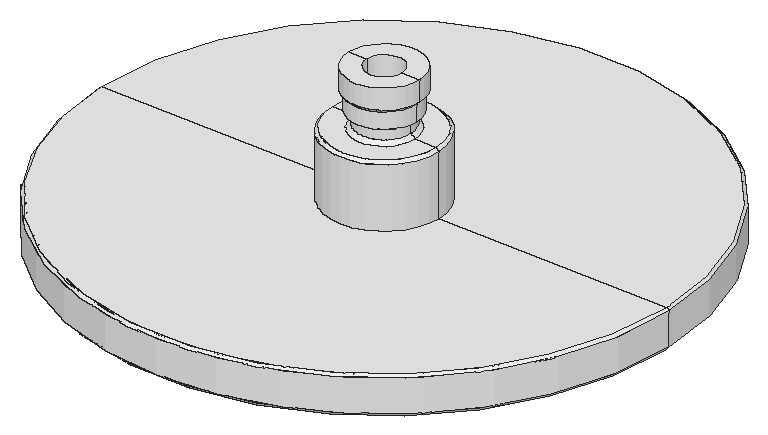
Revit family "zzzShowerhead-American_Standard-Studio_S-1660527_Series", category Plumbing Fixtures, Revit 2019
Family settings
  Round Connector Dimension = Use Diameter
  Part Type = Normal
  OmniClass Number = 23.45.05.14.17
  OmniClass Title = Showers
  Work Plane-Based = Yes
  Always vertical = No
  Cut with Voids When Loaded = No
  Shared = Yes
  Room Calculation Point = No
Parameters (values of type "1660.527.002")
  Water Connection Diameter = 1/2"  # constant formula
  Waste Connection = yes
  WFU = 4  # constant formula
  Vent Connection = no
  URL = "https://www.americanstandard-us.com/"
  Tempered Water Connection = yes
  Specification = "Showerhead shall have 1 spray pattern and brass ball joint. Fitting shall be American Standard Model 1660.527."  # constant formula
  Revised Date = "10/03/2021"  # constant formula
  Product Page URL = "https://www.americanstandard-us.com/Rain-Showerheads/Studio-S-8-Inch-25-gpm-95-L-min-Rain-Showerhead/CHROME-1660527002"
  Product Documentation Link = "https://americanstandard.box.com/shared/static/p1afyvskb7e3h37kw89sj2debr8m4nkj.pdf"
  Price = "Prices may vary. Please consult Manufacturer Representative for most up-to-date price list."  # constant formula
  Model = "1660.527.002"
  Material = "Brass-American Standard-002-Polished Chrome"
  Manufacturer = "American Standard"  # constant formula
  Length = 8"  # constant formula
  Installation Type = "Wall Mounted"  # constant formula
  Installation Instruction Link = "https://americanstandard.box.com/shared/static/k8im88gln558lugzpwjerh0gw6vreuy3.pdfhttps://americanstandard.box.com/shared/static/g0bf9ataz8fbierzacnqolrx2i59cqud.pdf:https://americanstandard.box.com/shared/static/qrleaehdkuiegtf37d3h5cy3agh2mjsr.pdf"
  IAPMO Compliance = "ASME A112.18.1, CSA B125.1"  # constant formula
  HWFU = 3  # constant formula
  HW Connection = no
  Flow Rate = "2.5 gpm / 9.5 L/min."  # constant formula
  Finish = Brass-American Standard-002-Polished Chrome
  Description = "Studio® S 8-Inch 2.5 gpm/9.5 L/min Rain Showerhead"  # constant formula
  Default Elevation = 0"
  Creation Date = "01/08/2018"  # constant formula
  CWFU = 3  # constant formula
  CW Connection = no
  Assembly Code = "D2010710"
Reference planes (in)
  plane 1 "Center (Front/Back)": y = 0
  plane 2: z = 0
  plane 3 "Center (Left/Right)": x = 0
  plane 4: y = 4
  plane 5: y = -4
  plane 6: x = 4
  plane 7: x = -4
  plane 8: x = 0.25
Forms (in)
  Revolve 1, solid, material "Brass-American Standard-002-Polished Chrome" <- "Finish"
    sketch origin (0, 0, 0) x (1, 0, 0) y (0, 0, 1)
      loop
        line (0.25, 0) -> (0.25, -1.09035) -> (0, -1.09035) -> (0, -2.1807) -> (3.95524, -2.1807) -> (4, -2.13594) -> (4, -1.68468) -> (3.96515, -1.64984) -> (0.76798, -1.64984) -> (0.76798, -0.81166) -> (0.7279, -0.77159) -> (0.42928, -0.77159) -> (0.37438, -0.71669) -> (0.37438, -0.58674) -> (0.45986, -0.53739) -> (0.45986, -0.32039) -> (0.5, -0.28026) -> (0.5, 0) -> (0.25, 0)
      axis (0, 0) -> (0, -2.1807)
    angle from 0 to 360
  Revolve 2, solid, material "Brass-American Standard-002-Polished Chrome" <- "Finish"
    sketch origin (0.38666, 7.24914, 1.39758) x (-0.000122, 0.001073, 0.999999) y (0.112541, -0.993647, 0.00108)
      loop
        line (-3.67301, 6.83538) -> (-3.56658, 6.83538) -> (-3.56666, 6.90382) -> (-3.64269, 6.90374)
        arc (-3.64269, 6.90374) -> (-3.66417, 6.89482) -> (-3.67305, 6.87332) r 0.03039
        line (-3.67305, 6.87332) -> (-3.67301, 6.83538)
      axis (-3.67305, 6.82041) -> (-3.56658, 6.82041)
    angle from 0 to 360
  Revolve 3, solid, material "Brass-American Standard-002-Polished Chrome" <- "Finish"
    sketch origin (-4.85251, 5.39932, 1.39758) x (-0.000845, 0.000673, 0.999999) y (0.782193, -0.623036, 0.00108)
      loop
        line (-3.67301, 6.83538) -> (-3.56658, 6.83538) -> (-3.56666, 6.90382) -> (-3.64269, 6.90374)
        arc (-3.64269, 6.90374) -> (-3.66417, 6.89482) -> (-3.67305, 6.87332) r 0.03039
        line (-3.67305, 6.87332) -> (-3.67301, 6.83538)
      axis (-3.67305, 6.82041) -> (-3.56658, 6.82041)
    angle from 0 to 360
  Revolve 4, solid, material "Brass-American Standard-002-Polished Chrome" <- "Finish"
    sketch origin (-0.38666, 7.24914, 1.39758) x (0.000122, 0.001073, 0.999999) y (0.112541, 0.993647, -0.00108)
      loop
        line (-3.67301, -6.83538) -> (-3.67305, -6.87332)
        arc (-3.67305, -6.87332) -> (-3.66417, -6.89482) -> (-3.64269, -6.90374) r 0.03039
        line (-3.64269, -6.90374) -> (-3.56666, -6.90382) -> (-3.56658, -6.83538) -> (-3.67301, -6.83538)
      axis (-3.67305, -6.82041) -> (-3.56658, -6.82041)
    angle from 0 to 360
  Revolve 5, solid, material "Brass-American Standard-002-Polished Chrome" <- "Finish"
    sketch origin (4.85251, 5.39932, 1.39758) x (0.000845, 0.000673, 0.999999) y (0.782193, 0.623036, -0.00108)
      loop
        line (-3.67301, -6.83538) -> (-3.67305, -6.87332)
        arc (-3.67305, -6.87332) -> (-3.66417, -6.89482) -> (-3.64269, -6.90374) r 0.03039
        line (-3.64269, -6.90374) -> (-3.56666, -6.90382) -> (-3.56658, -6.83538) -> (-3.67301, -6.83538)
      axis (-3.67305, -6.82041) -> (-3.56658, -6.82041)
    angle from 0 to 360
  Revolve 6, solid, material "Brass-American Standard-002-Polished Chrome" <- "Finish"
    sketch origin (0.38666, -7.24914, 1.39758) x (-0.000122, -0.001073, 0.999999) y (-0.112541, -0.993647, -0.00108)
      loop
        line (-3.67301, -6.83538) -> (-3.67305, -6.87332)
        arc (-3.67305, -6.87332) -> (-3.66417, -6.89482) -> (-3.64269, -6.90374) r 0.03039
        line (-3.64269, -6.90374) -> (-3.56666, -6.90382) -> (-3.56658, -6.83538) -> (-3.67301, -6.83538)
      axis (-3.67305, -6.82041) -> (-3.56658, -6.82041)
    angle from 0 to 360
  Revolve 7, solid, material "Brass-American Standard-002-Polished Chrome" <- "Finish"
    sketch origin (-4.85251, -5.39932, 1.39758) x (-0.000845, -0.000673, 0.999999) y (-0.782193, -0.623036, -0.00108)
      loop
        line (-3.67301, -6.83538) -> (-3.67305, -6.87332)
        arc (-3.67305, -6.87332) -> (-3.66417, -6.89482) -> (-3.64269, -6.90374) r 0.03039
        line (-3.64269, -6.90374) -> (-3.56666, -6.90382) -> (-3.56658, -6.83538) -> (-3.67301, -6.83538)
      axis (-3.67305, -6.82041) -> (-3.56658, -6.82041)
    angle from 0 to 360
  Revolve 8, solid, material "Brass-American Standard-002-Polished Chrome" <- "Finish"
    sketch origin (-0.38666, -7.24914, 1.39758) x (0.000122, -0.001073, 0.999999) y (-0.112541, 0.993647, 0.00108)
      loop
        line (-3.67301, 6.83538) -> (-3.56658, 6.83538) -> (-3.56666, 6.90382) -> (-3.64269, 6.90374)
        arc (-3.64269, 6.90374) -> (-3.66417, 6.89482) -> (-3.67305, 6.87332) r 0.03039
        line (-3.67305, 6.87332) -> (-3.67301, 6.83538)
      axis (-3.67305, 6.82041) -> (-3.56658, 6.82041)
    angle from 0 to 360
  Revolve 9, solid, material "Brass-American Standard-002-Polished Chrome" <- "Finish"
    sketch origin (4.85251, -5.39932, 1.39758) x (0.000845, -0.000673, 0.999999) y (-0.782193, 0.623036, 0.00108)
      loop
        line (-3.67301, 6.83538) -> (-3.56658, 6.83538) -> (-3.56666, 6.90382) -> (-3.64269, 6.90374)
        arc (-3.64269, 6.90374) -> (-3.66417, 6.89482) -> (-3.67305, 6.87332) r 0.03039
        line (-3.67305, 6.87332) -> (-3.67301, 6.83538)
      axis (-3.67305, 6.82041) -> (-3.56658, 6.82041)
    angle from 0 to 360
  Revolve 10, solid, material "Brass-American Standard-002-Polished Chrome" <- "Finish"
    sketch origin (-2.45436, 6.60226, 1.39758) x (-0.000273, 0.001045, 0.999999) y (-0.252988, 0.967469, -0.00108)
      loop
        line (-3.67301, -6.83538) -> (-3.67305, -6.87332)
        arc (-3.67305, -6.87332) -> (-3.66417, -6.89482) -> (-3.64269, -6.90374) r 0.03039
        line (-3.64269, -6.90374) -> (-3.56666, -6.90382) -> (-3.56658, -6.83538) -> (-3.67301, -6.83538)
      axis (-3.67305, -6.82041) -> (-3.56658, -6.82041)
    angle from 0 to 360
  Revolve 11, solid, material "Brass-American Standard-002-Polished Chrome" <- "Finish"
    sketch origin (-6.57644, 4.07408, 1.39758) x (-0.001041, 0.000289, 0.999999) y (0.963452, -0.26788, 0.00108)
      loop
        line (-3.67301, 6.83538) -> (-3.56658, 6.83538) -> (-3.56666, 6.90382) -> (-3.64269, 6.90374)
        arc (-3.64269, 6.90374) -> (-3.66417, 6.89482) -> (-3.67305, 6.87332) r 0.03039
        line (-3.67305, 6.87332) -> (-3.67301, 6.83538)
      axis (-3.67305, 6.82041) -> (-3.56658, 6.82041)
    angle from 0 to 360
  Revolve 12, solid, material "Brass-American Standard-002-Polished Chrome" <- "Finish"
    sketch origin (-4.5714, 6.241, 1.39758) x (-0.000856, 0.000658, 0.999999) y (0.792947, -0.60929, 0.00108)
      loop
        line (-3.67301, 6.83538) -> (-3.56658, 6.83538) -> (-3.56666, 6.90382) -> (-3.64269, 6.90374)
        arc (-3.64269, 6.90374) -> (-3.66417, 6.89482) -> (-3.67305, 6.87332) r 0.03039
        line (-3.67305, 6.87332) -> (-3.67301, 6.83538)
      axis (-3.67305, 6.82041) -> (-3.56658, 6.82041)
    angle from 0 to 360
  Revolve 13, solid, material "Brass-American Standard-002-Polished Chrome" <- "Finish"
    sketch origin (4.07408, 6.57644, 1.39758) x (0.000289, 0.001041, 0.999999) y (-0.26788, -0.963452, 0.00108)
      loop
        line (-3.67301, 6.83538) -> (-3.56658, 6.83538) -> (-3.56666, 6.90382) -> (-3.64269, 6.90374)
        arc (-3.64269, 6.90374) -> (-3.66417, 6.89482) -> (-3.67305, 6.87332) r 0.03039
        line (-3.67305, 6.87332) -> (-3.67301, 6.83538)
      axis (-3.67305, 6.82041) -> (-3.56658, 6.82041)
    angle from 0 to 360
  Revolve 14, solid, material "Brass-American Standard-002-Polished Chrome" <- "Finish"
    sketch origin (1.31384, 7.62375, 1.39758) x (-0.000122, 0.001073, 0.999999) y (0.112541, -0.993647, 0.00108)
      loop
        line (-3.67301, 6.83538) -> (-3.56658, 6.83538) -> (-3.56666, 6.90382) -> (-3.64269, 6.90374)
        arc (-3.64269, 6.90374) -> (-3.66417, 6.89482) -> (-3.67305, 6.87332) r 0.03039
        line (-3.67305, 6.87332) -> (-3.67301, 6.83538)
      axis (-3.67305, 6.82041) -> (-3.56658, 6.82041)
    angle from 0 to 360
  Revolve 15, solid, material "Brass-American Standard-002-Polished Chrome" <- "Finish"
    sketch origin (-1.76944, 7.53105, 1.39758) x (-0.000531, 0.00094, 0.999999) y (0.491843, -0.870683, 0.00108)
      loop
        line (-3.67301, 6.83538) -> (-3.56658, 6.83538) -> (-3.56666, 6.90382) -> (-3.64269, 6.90374)
        arc (-3.64269, 6.90374) -> (-3.66417, 6.89482) -> (-3.67305, 6.87332) r 0.03039
        line (-3.67305, 6.87332) -> (-3.67301, 6.83538)
      axis (-3.67305, 6.82041) -> (-3.56658, 6.82041)
    angle from 0 to 360
  Revolve 16, solid, material "Brass-American Standard-002-Polished Chrome" <- "Finish"
    sketch origin (4.5714, 6.241, 1.39758) x (0.000856, 0.000658, 0.999999) y (0.792947, 0.60929, -0.00108)
      loop
        line (-3.67301, -6.83538) -> (-3.67305, -6.87332)
        arc (-3.67305, -6.87332) -> (-3.66417, -6.89482) -> (-3.64269, -6.90374) r 0.03039
        line (-3.64269, -6.90374) -> (-3.56666, -6.90382) -> (-3.56658, -6.83538) -> (-3.67301, -6.83538)
      axis (-3.67305, -6.82041) -> (-3.56658, -6.82041)
    angle from 0 to 360
  Revolve 17, solid, material "Brass-American Standard-002-Polished Chrome" <- "Finish"
    sketch origin (-1.31384, 7.62375, 1.39758) x (0.000122, 0.001073, 0.999999) y (0.112541, 0.993647, -0.00108)
      loop
        line (-3.67301, -6.83538) -> (-3.67305, -6.87332)
        arc (-3.67305, -6.87332) -> (-3.66417, -6.89482) -> (-3.64269, -6.90374) r 0.03039
        line (-3.64269, -6.90374) -> (-3.56666, -6.90382) -> (-3.56658, -6.83538) -> (-3.67301, -6.83538)
      axis (-3.67305, -6.82041) -> (-3.56658, -6.82041)
    angle from 0 to 360
  Revolve 18, solid, material "Brass-American Standard-002-Polished Chrome" <- "Finish"
    sketch origin (1.76944, 7.53105, 1.39758) x (0.000531, 0.00094, 0.999999) y (0.491843, 0.870683, -0.00108)
      loop
        line (-3.67301, -6.83538) -> (-3.67305, -6.87332)
        arc (-3.67305, -6.87332) -> (-3.66417, -6.89482) -> (-3.64269, -6.90374) r 0.03039
        line (-3.64269, -6.90374) -> (-3.56666, -6.90382) -> (-3.56658, -6.83538) -> (-3.67301, -6.83538)
      axis (-3.67305, -6.82041) -> (-3.56658, -6.82041)
    angle from 0 to 360
  Revolve 19, solid, material "Brass-American Standard-002-Polished Chrome" <- "Finish"
    sketch origin (-4.07408, 6.57644, 1.39758) x (-0.000289, 0.001041, 0.999999) y (-0.26788, 0.963452, -0.00108)
      loop
        line (-3.67301, -6.83538) -> (-3.67305, -6.87332)
        arc (-3.67305, -6.87332) -> (-3.66417, -6.89482) -> (-3.64269, -6.90374) r 0.03039
        line (-3.64269, -6.90374) -> (-3.56666, -6.90382) -> (-3.56658, -6.83538) -> (-3.67301, -6.83538)
      axis (-3.67305, -6.82041) -> (-3.56658, -6.82041)
    angle from 0 to 360
  Revolve 20, solid, material "Brass-American Standard-002-Polished Chrome" <- "Finish"
    sketch origin (-6.57644, -4.07408, 1.39758) x (-0.001041, -0.000289, 0.999999) y (-0.963452, -0.26788, -0.00108)
      loop
        line (-3.67301, -6.83538) -> (-3.67305, -6.87332)
        arc (-3.67305, -6.87332) -> (-3.66417, -6.89482) -> (-3.64269, -6.90374) r 0.03039
        line (-3.64269, -6.90374) -> (-3.56666, -6.90382) -> (-3.56658, -6.83538) -> (-3.67301, -6.83538)
      axis (-3.67305, -6.82041) -> (-3.56658, -6.82041)
    angle from 0 to 360
  Revolve 21, solid, material "Brass-American Standard-002-Polished Chrome" <- "Finish"
    sketch origin (-4.5714, -6.241, 1.39758) x (-0.000856, -0.000658, 0.999999) y (-0.792947, -0.60929, -0.00108)
      loop
        line (-3.67301, -6.83538) -> (-3.67305, -6.87332)
        arc (-3.67305, -6.87332) -> (-3.66417, -6.89482) -> (-3.64269, -6.90374) r 0.03039
        line (-3.64269, -6.90374) -> (-3.56666, -6.90382) -> (-3.56658, -6.83538) -> (-3.67301, -6.83538)
      axis (-3.67305, -6.82041) -> (-3.56658, -6.82041)
    angle from 0 to 360
  Revolve 22, solid, material "Brass-American Standard-002-Polished Chrome" <- "Finish"
    sketch origin (1.31384, -7.62375, 1.39758) x (-0.000122, -0.001073, 0.999999) y (-0.112541, -0.993647, -0.00108)
      loop
        line (-3.67301, -6.83538) -> (-3.67305, -6.87332)
        arc (-3.67305, -6.87332) -> (-3.66417, -6.89482) -> (-3.64269, -6.90374) r 0.03039
        line (-3.64269, -6.90374) -> (-3.56666, -6.90382) -> (-3.56658, -6.83538) -> (-3.67301, -6.83538)
      axis (-3.67305, -6.82041) -> (-3.56658, -6.82041)
    angle from 0 to 360
  Revolve 23, solid, material "Brass-American Standard-002-Polished Chrome" <- "Finish"
    sketch origin (-1.76944, -7.53105, 1.39758) x (-0.000531, -0.00094, 0.999999) y (-0.491843, -0.870683, -0.00108)
      loop
        line (-3.67301, -6.83538) -> (-3.67305, -6.87332)
        arc (-3.67305, -6.87332) -> (-3.66417, -6.89482) -> (-3.64269, -6.90374) r 0.03039
        line (-3.64269, -6.90374) -> (-3.56666, -6.90382) -> (-3.56658, -6.83538) -> (-3.67301, -6.83538)
      axis (-3.67305, -6.82041) -> (-3.56658, -6.82041)
    angle from 0 to 360
  Revolve 24, solid, material "Brass-American Standard-002-Polished Chrome" <- "Finish"
    sketch origin (4.5714, -6.241, 1.39758) x (0.000856, -0.000658, 0.999999) y (-0.792947, 0.60929, 0.00108)
      loop
        line (-3.67301, 6.83538) -> (-3.56658, 6.83538) -> (-3.56666, 6.90382) -> (-3.64269, 6.90374)
        arc (-3.64269, 6.90374) -> (-3.66417, 6.89482) -> (-3.67305, 6.87332) r 0.03039
        line (-3.67305, 6.87332) -> (-3.67301, 6.83538)
      axis (-3.67305, 6.82041) -> (-3.56658, 6.82041)
    angle from 0 to 360
  Revolve 25, solid, material "Brass-American Standard-002-Polished Chrome" <- "Finish"
    sketch origin (-1.31384, -7.62375, 1.39758) x (0.000122, -0.001073, 0.999999) y (-0.112541, 0.993647, 0.00108)
      loop
        line (-3.67301, 6.83538) -> (-3.56658, 6.83538) -> (-3.56666, 6.90382) -> (-3.64269, 6.90374)
        arc (-3.64269, 6.90374) -> (-3.66417, 6.89482) -> (-3.67305, 6.87332) r 0.03039
        line (-3.67305, 6.87332) -> (-3.67301, 6.83538)
      axis (-3.67305, 6.82041) -> (-3.56658, 6.82041)
    angle from 0 to 360
  Revolve 26, solid, material "Brass-American Standard-002-Polished Chrome" <- "Finish"
    sketch origin (1.76944, -7.53105, 1.39758) x (0.000531, -0.00094, 0.999999) y (-0.491843, 0.870683, 0.00108)
      loop
        line (-3.67301, 6.83538) -> (-3.56658, 6.83538) -> (-3.56666, 6.90382) -> (-3.64269, 6.90374)
        arc (-3.64269, 6.90374) -> (-3.66417, 6.89482) -> (-3.67305, 6.87332) r 0.03039
        line (-3.67305, 6.87332) -> (-3.67301, 6.83538)
      axis (-3.67305, 6.82041) -> (-3.56658, 6.82041)
    angle from 0 to 360
  Revolve 27, solid, material "Brass-American Standard-002-Polished Chrome" <- "Finish"
    sketch origin (-6.57644, 5.07408, 1.39758) x (-0.001041, 0.000289, 0.999999) y (0.963452, -0.26788, 0.00108)
      loop
        line (-3.67301, 6.83538) -> (-3.56658, 6.83538) -> (-3.56666, 6.90382) -> (-3.64269, 6.90374)
        arc (-3.64269, 6.90374) -> (-3.66417, 6.89482) -> (-3.67305, 6.87332) r 0.03039
        line (-3.67305, 6.87332) -> (-3.67301, 6.83538)
      axis (-3.67305, 6.82041) -> (-3.56658, 6.82041)
    angle from 0 to 360
  Revolve 28, solid, material "Brass-American Standard-002-Polished Chrome" <- "Finish"
    sketch origin (-4.19679, 7.16818, 1.39758) x (-0.000856, 0.000658, 0.999999) y (0.792947, -0.60929, 0.00108)
      loop
        line (-3.67301, 6.83538) -> (-3.56658, 6.83538) -> (-3.56666, 6.90382) -> (-3.64269, 6.90374)
        arc (-3.64269, 6.90374) -> (-3.66417, 6.89482) -> (-3.67305, 6.87332) r 0.03039
        line (-3.67305, 6.87332) -> (-3.67301, 6.83538)
      axis (-3.67305, 6.82041) -> (-3.56658, 6.82041)
    angle from 0 to 360
  Revolve 29, solid, material "Brass-American Standard-002-Polished Chrome" <- "Finish"
    sketch origin (5.07408, 6.57644, 1.39758) x (0.000289, 0.001041, 0.999999) y (-0.26788, -0.963452, 0.00108)
      loop
        line (-3.67301, 6.83538) -> (-3.56658, 6.83538) -> (-3.56666, 6.90382) -> (-3.64269, 6.90374)
        arc (-3.64269, 6.90374) -> (-3.66417, 6.89482) -> (-3.67305, 6.87332) r 0.03039
        line (-3.67305, 6.87332) -> (-3.67301, 6.83538)
      axis (-3.67305, 6.82041) -> (-3.56658, 6.82041)
    angle from 0 to 360
  Revolve 30, solid, material "Brass-American Standard-002-Polished Chrome" <- "Finish"
    sketch origin (2.24102, 7.99835, 1.39758) x (-0.000122, 0.001073, 0.999999) y (0.112541, -0.993647, 0.00108)
      loop
        line (-3.67301, 6.83538) -> (-3.56658, 6.83538) -> (-3.56666, 6.90382) -> (-3.64269, 6.90374)
        arc (-3.64269, 6.90374) -> (-3.66417, 6.89482) -> (-3.67305, 6.87332) r 0.03039
        line (-3.67305, 6.87332) -> (-3.67301, 6.83538)
      axis (-3.67305, 6.82041) -> (-3.56658, 6.82041)
    angle from 0 to 360
  Revolve 31, solid, material "Brass-American Standard-002-Polished Chrome" <- "Finish"
    sketch origin (-1.06233, 8.23816, 1.39758) x (-0.000531, 0.00094, 0.999999) y (0.491843, -0.870683, 0.00108)
      loop
        line (-3.67301, 6.83538) -> (-3.56658, 6.83538) -> (-3.56666, 6.90382) -> (-3.64269, 6.90374)
        arc (-3.64269, 6.90374) -> (-3.66417, 6.89482) -> (-3.67305, 6.87332) r 0.03039
        line (-3.67305, 6.87332) -> (-3.67301, 6.83538)
      axis (-3.67305, 6.82041) -> (-3.56658, 6.82041)
    angle from 0 to 360
  Revolve 32, solid, material "Brass-American Standard-002-Polished Chrome" <- "Finish"
    sketch origin (4.19679, 7.16818, 1.39758) x (0.000856, 0.000658, 0.999999) y (0.792947, 0.60929, -0.00108)
      loop
        line (-3.67301, -6.83538) -> (-3.67305, -6.87332)
        arc (-3.67305, -6.87332) -> (-3.66417, -6.89482) -> (-3.64269, -6.90374) r 0.03039
        line (-3.64269, -6.90374) -> (-3.56666, -6.90382) -> (-3.56658, -6.83538) -> (-3.67301, -6.83538)
      axis (-3.67305, -6.82041) -> (-3.56658, -6.82041)
    angle from 0 to 360
  Revolve 33, solid, material "Brass-American Standard-002-Polished Chrome" <- "Finish"
    sketch origin (-5.07408, 6.57644, 1.39758) x (-0.000289, 0.001041, 0.999999) y (-0.26788, 0.963452, -0.00108)
      loop
        line (-3.67301, -6.83538) -> (-3.67305, -6.87332)
        arc (-3.67305, -6.87332) -> (-3.66417, -6.89482) -> (-3.64269, -6.90374) r 0.03039
        line (-3.64269, -6.90374) -> (-3.56666, -6.90382) -> (-3.56658, -6.83538) -> (-3.67301, -6.83538)
      axis (-3.67305, -6.82041) -> (-3.56658, -6.82041)
    angle from 0 to 360
  Revolve 34, solid, material "Brass-American Standard-002-Polished Chrome" <- "Finish"
    sketch origin (-2.24102, 7.99835, 1.39758) x (0.000122, 0.001073, 0.999999) y (0.112541, 0.993647, -0.00108)
      loop
        line (-3.67301, -6.83538) -> (-3.67305, -6.87332)
        arc (-3.67305, -6.87332) -> (-3.66417, -6.89482) -> (-3.64269, -6.90374) r 0.03039
        line (-3.64269, -6.90374) -> (-3.56666, -6.90382) -> (-3.56658, -6.83538) -> (-3.67301, -6.83538)
      axis (-3.67305, -6.82041) -> (-3.56658, -6.82041)
    angle from 0 to 360
  Revolve 35, solid, material "Brass-American Standard-002-Polished Chrome" <- "Finish"
    sketch origin (1.06233, 8.23816, 1.39758) x (0.000531, 0.00094, 0.999999) y (0.491843, 0.870683, -0.00108)
      loop
        line (-3.67301, -6.83538) -> (-3.67305, -6.87332)
        arc (-3.67305, -6.87332) -> (-3.66417, -6.89482) -> (-3.64269, -6.90374) r 0.03039
        line (-3.64269, -6.90374) -> (-3.56666, -6.90382) -> (-3.56658, -6.83538) -> (-3.67301, -6.83538)
      axis (-3.67305, -6.82041) -> (-3.56658, -6.82041)
    angle from 0 to 360
  Revolve 36, solid, material "Brass-American Standard-002-Polished Chrome" <- "Finish"
    sketch origin (-6.57644, -5.07408, 1.39758) x (-0.001041, -0.000289, 0.999999) y (-0.963452, -0.26788, -0.00108)
      loop
        line (-3.67301, -6.83538) -> (-3.67305, -6.87332)
        arc (-3.67305, -6.87332) -> (-3.66417, -6.89482) -> (-3.64269, -6.90374) r 0.03039
        line (-3.64269, -6.90374) -> (-3.56666, -6.90382) -> (-3.56658, -6.83538) -> (-3.67301, -6.83538)
      axis (-3.67305, -6.82041) -> (-3.56658, -6.82041)
    angle from 0 to 360
  Revolve 37, solid, material "Brass-American Standard-002-Polished Chrome" <- "Finish"
    sketch origin (-4.19679, -7.16818, 1.39758) x (-0.000856, -0.000658, 0.999999) y (-0.792947, -0.60929, -0.00108)
      loop
        line (-3.67301, -6.83538) -> (-3.67305, -6.87332)
        arc (-3.67305, -6.87332) -> (-3.66417, -6.89482) -> (-3.64269, -6.90374) r 0.03039
        line (-3.64269, -6.90374) -> (-3.56666, -6.90382) -> (-3.56658, -6.83538) -> (-3.67301, -6.83538)
      axis (-3.67305, -6.82041) -> (-3.56658, -6.82041)
    angle from 0 to 360
  Revolve 38, solid, material "Brass-American Standard-002-Polished Chrome" <- "Finish"
    sketch origin (2.24102, -7.99835, 1.39758) x (-0.000122, -0.001073, 0.999999) y (-0.112541, -0.993647, -0.00108)
      loop
        line (-3.67301, -6.83538) -> (-3.67305, -6.87332)
        arc (-3.67305, -6.87332) -> (-3.66417, -6.89482) -> (-3.64269, -6.90374) r 0.03039
        line (-3.64269, -6.90374) -> (-3.56666, -6.90382) -> (-3.56658, -6.83538) -> (-3.67301, -6.83538)
      axis (-3.67305, -6.82041) -> (-3.56658, -6.82041)
    angle from 0 to 360
  Revolve 39, solid, material "Brass-American Standard-002-Polished Chrome" <- "Finish"
    sketch origin (-1.06233, -8.23816, 1.39758) x (-0.000531, -0.00094, 0.999999) y (-0.491843, -0.870683, -0.00108)
      loop
        line (-3.67301, -6.83538) -> (-3.67305, -6.87332)
        arc (-3.67305, -6.87332) -> (-3.66417, -6.89482) -> (-3.64269, -6.90374) r 0.03039
        line (-3.64269, -6.90374) -> (-3.56666, -6.90382) -> (-3.56658, -6.83538) -> (-3.67301, -6.83538)
      axis (-3.67305, -6.82041) -> (-3.56658, -6.82041)
    angle from 0 to 360
  Revolve 40, solid, material "Brass-American Standard-002-Polished Chrome" <- "Finish"
    sketch origin (4.19679, -7.16818, 1.39758) x (0.000856, -0.000658, 0.999999) y (-0.792947, 0.60929, 0.00108)
      loop
        line (-3.67301, 6.83538) -> (-3.56658, 6.83538) -> (-3.56666, 6.90382) -> (-3.64269, 6.90374)
        arc (-3.64269, 6.90374) -> (-3.66417, 6.89482) -> (-3.67305, 6.87332) r 0.03039
        line (-3.67305, 6.87332) -> (-3.67301, 6.83538)
      axis (-3.67305, 6.82041) -> (-3.56658, 6.82041)
    angle from 0 to 360
  Revolve 41, solid, material "Brass-American Standard-002-Polished Chrome" <- "Finish"
    sketch origin (-2.24102, -7.99835, 1.39758) x (0.000122, -0.001073, 0.999999) y (-0.112541, 0.993647, 0.00108)
      loop
        line (-3.67301, 6.83538) -> (-3.56658, 6.83538) -> (-3.56666, 6.90382) -> (-3.64269, 6.90374)
        arc (-3.64269, 6.90374) -> (-3.66417, 6.89482) -> (-3.67305, 6.87332) r 0.03039
        line (-3.67305, 6.87332) -> (-3.67301, 6.83538)
      axis (-3.67305, 6.82041) -> (-3.56658, 6.82041)
    angle from 0 to 360
  Revolve 42, solid, material "Brass-American Standard-002-Polished Chrome" <- "Finish"
    sketch origin (1.06233, -8.23816, 1.39758) x (0.000531, -0.00094, 0.999999) y (-0.491843, 0.870683, 0.00108)
      loop
        line (-3.67301, 6.83538) -> (-3.56658, 6.83538) -> (-3.56666, 6.90382) -> (-3.64269, 6.90374)
        arc (-3.64269, 6.90374) -> (-3.66417, 6.89482) -> (-3.67305, 6.87332) r 0.03039
        line (-3.67305, 6.87332) -> (-3.67301, 6.83538)
      axis (-3.67305, 6.82041) -> (-3.56658, 6.82041)
    angle from 0 to 360
  Revolve 43, solid, material "Brass-American Standard-002-Polished Chrome" <- "Finish"
    sketch origin (2.45436, 6.60226, 1.39758) x (0.000273, 0.001045, 0.999999) y (-0.252988, -0.967469, 0.00108)
      loop
        line (-3.67301, 6.83538) -> (-3.56658, 6.83538) -> (-3.56666, 6.90382) -> (-3.64269, 6.90374)
        arc (-3.64269, 6.90374) -> (-3.66417, 6.89482) -> (-3.67305, 6.87332) r 0.03039
        line (-3.67305, 6.87332) -> (-3.67301, 6.83538)
      axis (-3.67305, 6.82041) -> (-3.56658, 6.82041)
    angle from 0 to 360
  Revolve 44, solid, material "Brass-American Standard-002-Polished Chrome" <- "Finish"
    sketch origin (6.9449, -1.17559, 1.39758) x (0.001042, -0.000286, 0.999999) y (0.964346, -0.264641, -0.00108)
      loop
        line (-3.67301, -6.83538) -> (-3.67305, -6.87332)
        arc (-3.67305, -6.87332) -> (-3.66417, -6.89482) -> (-3.64269, -6.90374) r 0.03039
        line (-3.64269, -6.90374) -> (-3.56666, -6.90382) -> (-3.56658, -6.83538) -> (-3.67301, -6.83538)
      axis (-3.67305, -6.82041) -> (-3.56658, -6.82041)
    angle from 0 to 360
  Revolve 45, solid, material "Brass-American Standard-002-Polished Chrome" <- "Finish"
    sketch origin (-6.9449, -1.17559, 1.39758) x (-0.001042, -0.000286, 0.999999) y (0.964346, 0.264641, 0.00108)
      loop
        line (-3.67301, 6.83538) -> (-3.56658, 6.83538) -> (-3.56666, 6.90382) -> (-3.64269, 6.90374)
        arc (-3.64269, 6.90374) -> (-3.66417, 6.89482) -> (-3.67305, 6.87332) r 0.03039
        line (-3.67305, 6.87332) -> (-3.67301, 6.83538)
      axis (-3.67305, 6.82041) -> (-3.56658, 6.82041)
    angle from 0 to 360
  Revolve 46, solid, material "Brass-American Standard-002-Polished Chrome" <- "Finish"
    sketch origin (6.9449, 1.17559, 1.39758) x (0.001042, 0.000286, 0.999999) y (-0.964346, -0.264641, 0.00108)
      loop
        line (-3.67301, 6.83538) -> (-3.56658, 6.83538) -> (-3.56666, 6.90382) -> (-3.64269, 6.90374)
        arc (-3.64269, 6.90374) -> (-3.66417, 6.89482) -> (-3.67305, 6.87332) r 0.03039
        line (-3.67305, 6.87332) -> (-3.67301, 6.83538)
      axis (-3.67305, 6.82041) -> (-3.56658, 6.82041)
    angle from 0 to 360
  Revolve 47, solid, material "Brass-American Standard-002-Polished Chrome" <- "Finish"
    sketch origin (-6.9449, 1.17559, 1.39758) x (-0.001042, 0.000286, 0.999999) y (-0.964346, 0.264641, -0.00108)
      loop
        line (-3.67301, -6.83538) -> (-3.67305, -6.87332)
        arc (-3.67305, -6.87332) -> (-3.66417, -6.89482) -> (-3.64269, -6.90374) r 0.03039
        line (-3.64269, -6.90374) -> (-3.56666, -6.90382) -> (-3.56658, -6.83538) -> (-3.67301, -6.83538)
      axis (-3.67305, -6.82041) -> (-3.56658, -6.82041)
    angle from 0 to 360
Cuts and joins
  joined: Revolve 1, Revolve 2, Revolve 3, Revolve 4, Revolve 5, Revolve 6, Revolve 7, Revolve 8, Revolve 9, Revolve 10, Revolve 11, Revolve 12, Revolve 13, Revolve 14, Revolve 15, Revolve 16, Revolve 17, Revolve 18, Revolve 19, Revolve 20, Revolve 21, Revolve 22, Revolve 23, Revolve 24, Revolve 25, Revolve 26, Revolve 27, Revolve 28, Revolve 29, Revolve 30, Revolve 31, Revolve 32, Revolve 33, Revolve 34, Revolve 35, Revolve 36, Revolve 37, Revolve 38, Revolve 39, Revolve 40, Revolve 41, Revolve 42, Revolve 43, Revolve 44, Revolve 45, Revolve 46, Revolve 47
Lines and regions (in)
  Masking region 1
    outline origin (0, 0, 0) x (1, 0, 0) y (0, 1, 0)
      loop
        circle (0, 0) r 4
  symbolic lines, detail levels medium+fine
    curve 1: circle (0, 0, 0) r 0.25 normal (0, 0, 1)
    curve 2: circle (0, 0, 0) r 0.76798 normal (0, 0, 1)
  symbolic lines, detail levels fine
    curve 3: circle (0, 0, 0) r 0.5 normal (0, 0, 1)
    curve 4: circle (0, 0, 0) r 0.7279 normal (0, 0, -1)
    curve 5: circle (0, 0, 0) r 3.96515 normal (0, 0, -1)
Dimensions and locks (in)
  plane 7 to plane 6 = 8"
  plane 5 to plane 4 = 8"
  "Length": plane 6 to plane 7
  aligned and locked: curve 1 to Revolve 1
  aligned and locked: curve 3 to Revolve 1
  aligned and locked: curve 4 to Revolve 1
  aligned and locked: curve 5 to Revolve 1
Automatic sketch dimensions
  curve 1 to curve 2 = 0"  (x2)
  Revolve 1 sketch curve to plane 3 "Center (Left/Right)" = 0"  (x2)
  Revolve 1 sketch curve to level = 0"
  Revolve 1 sketch curve to plane 8 = 0"
  Revolve 1 sketch curve to plane 6 = 0"
  plane 8 to Revolve 1 sketch curve = 0.12438"
  Revolve 1 sketch curve to Revolve 1 sketch curve = 0.05489"  (x2)
  Revolve 1 sketch curve to Revolve 1 sketch curve = 0.08548"
  plane 8 to Revolve 1 sketch curve = 1/4"
  Revolve 1 sketch curve to Revolve 1 sketch curve = 0.29862"
  Revolve 1 sketch curve to Revolve 1 sketch curve = 0.04007"  (x2)
  Revolve 1 sketch curve to plane 6 = 0.04476"
  Revolve 1 sketch curve to plane 6 = 0.03485"
  Revolve 1 sketch curve to level = 0.28026"
  Revolve 1 sketch curve to Revolve 1 sketch curve = 0.04014"
  Revolve 1 sketch curve to Revolve 1 sketch curve = 0.21699"
  Revolve 1 sketch curve to Revolve 1 sketch curve = 0.04935"
  Revolve 1 sketch curve to Revolve 1 sketch curve = 0.12996"
  Revolve 1 sketch curve to Revolve 1 sketch curve = 0.31876"
  Revolve 1 sketch curve to Revolve 1 sketch curve = 0.55949"
  Revolve 1 sketch curve to Revolve 1 sketch curve = 0.03485"
  Revolve 1 sketch curve to Revolve 1 sketch curve = 0.45126"
  Revolve 1 sketch curve to Revolve 1 sketch curve = 0.53086"
  level to Revolve 1 sketch curve = 1 3/4"
  Revolve 1 sketch curve to Revolve 1 sketch curve = 3/4"
  Revolve 2 sketch curve to level = 2.26805"
  Revolve 2 sketch curve to Revolve 2 sketch curve = 0.00004"
  Revolve 2 sketch curve to Revolve 2 sketch curve = 0.03036"
  Revolve 2 sketch curve to Revolve 2 sketch curve = 0.00003"  (x2)
  Revolve 2 sketch curve to Revolve 2 sketch curve = 0.07604"
  Revolve 2 sketch curve to Revolve 2 sketch curve = 0.00007"
  Revolve 2 sketch curve to Revolve 2 sketch curve = 0.03794"
  Revolve 2 sketch curve to Revolve 2 sketch curve = 0.00529"
  Revolve 2 sketch curve to Revolve 2 sketch curve = 0.11343"
  Revolve 2 sketch curve to Revolve 2 sketch curve = 0.01497"
  Revolve 3 sketch curve to level = 2.26805"
  Revolve 3 sketch curve to Revolve 3 sketch curve = 0.00004"
  Revolve 3 sketch curve to Revolve 3 sketch curve = 0.03036"
  Revolve 3 sketch curve to Revolve 3 sketch curve = 0.00003"  (x2)
  Revolve 3 sketch curve to Revolve 3 sketch curve = 0.07604"
  Revolve 3 sketch curve to Revolve 3 sketch curve = 0.00007"
  Revolve 3 sketch curve to Revolve 3 sketch curve = 0.03794"
  Revolve 3 sketch curve to Revolve 3 sketch curve = 0.00529"
  Revolve 3 sketch curve to Revolve 3 sketch curve = 0.11343"
  Revolve 3 sketch curve to Revolve 3 sketch curve = 0.01497"
  Revolve 4 sketch curve to level = 2.26805"
  Revolve 4 sketch curve to Revolve 4 sketch curve = 0.00004"
  Revolve 4 sketch curve to Revolve 4 sketch curve = 0.03036"
  Revolve 4 sketch curve to Revolve 4 sketch curve = 0.00003"  (x2)
  Revolve 4 sketch curve to Revolve 4 sketch curve = 0.07604"
  Revolve 4 sketch curve to Revolve 4 sketch curve = 0.00007"
  Revolve 4 sketch curve to Revolve 4 sketch curve = 0.00008"
  Revolve 4 sketch curve to Revolve 4 sketch curve = 0.00529"
  Revolve 4 sketch curve to Revolve 4 sketch curve = 0.11343"
  Revolve 4 sketch curve to Revolve 4 sketch curve = 0.01497"
  Revolve 5 sketch curve to level = 2.26805"
  Revolve 5 sketch curve to Revolve 5 sketch curve = 0.00004"
  Revolve 5 sketch curve to Revolve 5 sketch curve = 0.03036"
  Revolve 5 sketch curve to Revolve 5 sketch curve = 0.00003"  (x2)
  Revolve 5 sketch curve to Revolve 5 sketch curve = 0.07604"
  Revolve 5 sketch curve to Revolve 5 sketch curve = 0.00007"
  Revolve 5 sketch curve to Revolve 5 sketch curve = 0.00008"
  Revolve 5 sketch curve to Revolve 5 sketch curve = 0.00529"
  Revolve 5 sketch curve to Revolve 5 sketch curve = 0.11343"
  Revolve 5 sketch curve to Revolve 5 sketch curve = 0.01497"
  Revolve 6 sketch curve to level = 2.26805"
  Revolve 6 sketch curve to Revolve 6 sketch curve = 0.00004"
  Revolve 6 sketch curve to Revolve 6 sketch curve = 0.03036"
  Revolve 6 sketch curve to Revolve 6 sketch curve = 0.00003"  (x2)
  Revolve 6 sketch curve to Revolve 6 sketch curve = 0.07604"
  Revolve 6 sketch curve to Revolve 6 sketch curve = 0.00007"
  Revolve 6 sketch curve to Revolve 6 sketch curve = 0.00008"
  Revolve 6 sketch curve to Revolve 6 sketch curve = 0.00529"
  Revolve 6 sketch curve to Revolve 6 sketch curve = 0.11343"
  Revolve 6 sketch curve to Revolve 6 sketch curve = 0.01497"
  Revolve 7 sketch curve to level = 2.26805"
  Revolve 7 sketch curve to Revolve 7 sketch curve = 0.00004"
  Revolve 7 sketch curve to Revolve 7 sketch curve = 0.03036"
  Revolve 7 sketch curve to Revolve 7 sketch curve = 0.00003"  (x2)
  Revolve 7 sketch curve to Revolve 7 sketch curve = 0.07604"
  Revolve 7 sketch curve to Revolve 7 sketch curve = 0.00007"
  Revolve 7 sketch curve to Revolve 7 sketch curve = 0.00008"
  Revolve 7 sketch curve to Revolve 7 sketch curve = 0.00529"
  Revolve 7 sketch curve to Revolve 7 sketch curve = 0.11343"
  Revolve 7 sketch curve to Revolve 7 sketch curve = 0.01497"
  Revolve 8 sketch curve to level = 2.26805"
  Revolve 8 sketch curve to Revolve 8 sketch curve = 0.00004"
  Revolve 8 sketch curve to Revolve 8 sketch curve = 0.03036"
  Revolve 8 sketch curve to Revolve 8 sketch curve = 0.00003"  (x2)
  Revolve 8 sketch curve to Revolve 8 sketch curve = 0.07604"
  Revolve 8 sketch curve to Revolve 8 sketch curve = 0.00007"
  Revolve 8 sketch curve to Revolve 8 sketch curve = 0.03794"
  Revolve 8 sketch curve to Revolve 8 sketch curve = 0.00529"
  Revolve 8 sketch curve to Revolve 8 sketch curve = 0.11343"
  Revolve 8 sketch curve to Revolve 8 sketch curve = 0.01497"
  Revolve 9 sketch curve to level = 2.26805"
  Revolve 9 sketch curve to Revolve 9 sketch curve = 0.00004"
  Revolve 9 sketch curve to Revolve 9 sketch curve = 0.03036"
  Revolve 9 sketch curve to Revolve 9 sketch curve = 0.00003"  (x2)
  Revolve 9 sketch curve to Revolve 9 sketch curve = 0.07604"
  Revolve 9 sketch curve to Revolve 9 sketch curve = 0.00007"
  Revolve 9 sketch curve to Revolve 9 sketch curve = 0.03794"
  Revolve 9 sketch curve to Revolve 9 sketch curve = 0.00529"
  Revolve 9 sketch curve to Revolve 9 sketch curve = 0.11343"
  Revolve 9 sketch curve to Revolve 9 sketch curve = 0.01497"
  Revolve 10 sketch curve to level = 2.26805"
  Revolve 10 sketch curve to Revolve 10 sketch curve = 0.00004"
  Revolve 10 sketch curve to Revolve 10 sketch curve = 0.03036"
  Revolve 10 sketch curve to Revolve 10 sketch curve = 0.00003"  (x2)
  Revolve 10 sketch curve to Revolve 10 sketch curve = 0.07604"
  Revolve 10 sketch curve to Revolve 10 sketch curve = 0.00007"
  Revolve 10 sketch curve to Revolve 10 sketch curve = 0.00008"
  Revolve 10 sketch curve to Revolve 10 sketch curve = 0.00529"
  Revolve 10 sketch curve to Revolve 10 sketch curve = 0.11343"
  Revolve 10 sketch curve to Revolve 10 sketch curve = 0.01497"
  Revolve 11 sketch curve to level = 2.26805"
  Revolve 11 sketch curve to Revolve 11 sketch curve = 0.00004"
  Revolve 11 sketch curve to Revolve 11 sketch curve = 0.03036"
  Revolve 11 sketch curve to Revolve 11 sketch curve = 0.00003"  (x2)
  Revolve 11 sketch curve to Revolve 11 sketch curve = 0.07604"
  Revolve 11 sketch curve to Revolve 11 sketch curve = 0.00007"
  Revolve 11 sketch curve to Revolve 11 sketch curve = 0.03794"
  Revolve 11 sketch curve to Revolve 11 sketch curve = 0.00529"
  Revolve 11 sketch curve to Revolve 11 sketch curve = 0.11343"
  Revolve 11 sketch curve to Revolve 11 sketch curve = 0.01497"
  Revolve 12 sketch curve to level = 2.26805"
  Revolve 12 sketch curve to Revolve 12 sketch curve = 0.00004"
  Revolve 12 sketch curve to Revolve 12 sketch curve = 0.03036"
  Revolve 12 sketch curve to Revolve 12 sketch curve = 0.00003"  (x2)
  Revolve 12 sketch curve to Revolve 12 sketch curve = 0.07604"
  Revolve 12 sketch curve to Revolve 12 sketch curve = 0.00007"
  Revolve 12 sketch curve to Revolve 12 sketch curve = 0.03794"
  Revolve 12 sketch curve to Revolve 12 sketch curve = 0.00529"
  Revolve 12 sketch curve to Revolve 12 sketch curve = 0.11343"
  Revolve 12 sketch curve to Revolve 12 sketch curve = 0.01497"
  Revolve 13 sketch curve to level = 2.26805"
  Revolve 13 sketch curve to Revolve 13 sketch curve = 0.00004"
  Revolve 13 sketch curve to Revolve 13 sketch curve = 0.03036"
  Revolve 13 sketch curve to Revolve 13 sketch curve = 0.00003"  (x2)
  Revolve 13 sketch curve to Revolve 13 sketch curve = 0.07604"
  Revolve 13 sketch curve to Revolve 13 sketch curve = 0.00007"
  Revolve 13 sketch curve to Revolve 13 sketch curve = 0.03794"
  Revolve 13 sketch curve to Revolve 13 sketch curve = 0.00529"
  Revolve 13 sketch curve to Revolve 13 sketch curve = 0.11343"
  Revolve 13 sketch curve to Revolve 13 sketch curve = 0.01497"
  Revolve 14 sketch curve to level = 2.26805"
  Revolve 14 sketch curve to Revolve 14 sketch curve = 0.00004"
  Revolve 14 sketch curve to Revolve 14 sketch curve = 0.03036"
  Revolve 14 sketch curve to Revolve 14 sketch curve = 0.00003"  (x2)
  Revolve 14 sketch curve to Revolve 14 sketch curve = 0.07604"
  Revolve 14 sketch curve to Revolve 14 sketch curve = 0.00007"
  Revolve 14 sketch curve to Revolve 14 sketch curve = 0.03794"
  Revolve 14 sketch curve to Revolve 14 sketch curve = 0.00529"
  Revolve 14 sketch curve to Revolve 14 sketch curve = 0.11343"
  Revolve 14 sketch curve to Revolve 14 sketch curve = 0.01497"
  Revolve 15 sketch curve to level = 2.26805"
  Revolve 15 sketch curve to Revolve 15 sketch curve = 0.00004"
  Revolve 15 sketch curve to Revolve 15 sketch curve = 0.03036"
  Revolve 15 sketch curve to Revolve 15 sketch curve = 0.00003"  (x2)
  Revolve 15 sketch curve to Revolve 15 sketch curve = 0.07604"
  Revolve 15 sketch curve to Revolve 15 sketch curve = 0.00007"
  Revolve 15 sketch curve to Revolve 15 sketch curve = 0.03794"
  Revolve 15 sketch curve to Revolve 15 sketch curve = 0.00529"
  Revolve 15 sketch curve to Revolve 15 sketch curve = 0.11343"
  Revolve 15 sketch curve to Revolve 15 sketch curve = 0.01497"
  Revolve 16 sketch curve to level = 2.26805"
  Revolve 16 sketch curve to Revolve 16 sketch curve = 0.00004"
  Revolve 16 sketch curve to Revolve 16 sketch curve = 0.03036"
  Revolve 16 sketch curve to Revolve 16 sketch curve = 0.00003"  (x2)
  Revolve 16 sketch curve to Revolve 16 sketch curve = 0.07604"
  Revolve 16 sketch curve to Revolve 16 sketch curve = 0.00007"
  Revolve 16 sketch curve to Revolve 16 sketch curve = 0.00008"
  Revolve 16 sketch curve to Revolve 16 sketch curve = 0.00529"
  Revolve 16 sketch curve to Revolve 16 sketch curve = 0.11343"
  Revolve 16 sketch curve to Revolve 16 sketch curve = 0.01497"
  Revolve 17 sketch curve to level = 2.26805"
  Revolve 17 sketch curve to Revolve 17 sketch curve = 0.00004"
  Revolve 17 sketch curve to Revolve 17 sketch curve = 0.03036"
  Revolve 17 sketch curve to Revolve 17 sketch curve = 0.00003"  (x2)
  Revolve 17 sketch curve to Revolve 17 sketch curve = 0.07604"
  Revolve 17 sketch curve to Revolve 17 sketch curve = 0.00007"
  Revolve 17 sketch curve to Revolve 17 sketch curve = 0.00008"
  Revolve 17 sketch curve to Revolve 17 sketch curve = 0.00529"
  Revolve 17 sketch curve to Revolve 17 sketch curve = 0.11343"
  Revolve 17 sketch curve to Revolve 17 sketch curve = 0.01497"
  Revolve 18 sketch curve to level = 2.26805"
  Revolve 18 sketch curve to Revolve 18 sketch curve = 0.00004"
  Revolve 18 sketch curve to Revolve 18 sketch curve = 0.03036"
  Revolve 18 sketch curve to Revolve 18 sketch curve = 0.00003"  (x2)
  Revolve 18 sketch curve to Revolve 18 sketch curve = 0.07604"
  Revolve 18 sketch curve to Revolve 18 sketch curve = 0.00007"
  Revolve 18 sketch curve to Revolve 18 sketch curve = 0.00008"
  Revolve 18 sketch curve to Revolve 18 sketch curve = 0.00529"
  Revolve 18 sketch curve to Revolve 18 sketch curve = 0.11343"
  Revolve 18 sketch curve to Revolve 18 sketch curve = 0.01497"
  Revolve 19 sketch curve to level = 2.26805"
  Revolve 19 sketch curve to Revolve 19 sketch curve = 0.00004"
  Revolve 19 sketch curve to Revolve 19 sketch curve = 0.03036"
  Revolve 19 sketch curve to Revolve 19 sketch curve = 0.00003"  (x2)
  Revolve 19 sketch curve to Revolve 19 sketch curve = 0.07604"
  Revolve 19 sketch curve to Revolve 19 sketch curve = 0.00007"
  Revolve 19 sketch curve to Revolve 19 sketch curve = 0.00008"
  Revolve 19 sketch curve to Revolve 19 sketch curve = 0.00529"
  Revolve 19 sketch curve to Revolve 19 sketch curve = 0.11343"
  Revolve 19 sketch curve to Revolve 19 sketch curve = 0.01497"
  Revolve 20 sketch curve to level = 2.26805"
  Revolve 20 sketch curve to Revolve 20 sketch curve = 0.00004"
  Revolve 20 sketch curve to Revolve 20 sketch curve = 0.03036"
  Revolve 20 sketch curve to Revolve 20 sketch curve = 0.00003"  (x2)
  Revolve 20 sketch curve to Revolve 20 sketch curve = 0.07604"
  Revolve 20 sketch curve to Revolve 20 sketch curve = 0.00007"
  Revolve 20 sketch curve to Revolve 20 sketch curve = 0.00008"
  Revolve 20 sketch curve to Revolve 20 sketch curve = 0.00529"
  Revolve 20 sketch curve to Revolve 20 sketch curve = 0.11343"
  Revolve 20 sketch curve to Revolve 20 sketch curve = 0.01497"
  Revolve 21 sketch curve to level = 2.26805"
  Revolve 21 sketch curve to Revolve 21 sketch curve = 0.00004"
  Revolve 21 sketch curve to Revolve 21 sketch curve = 0.03036"
  Revolve 21 sketch curve to Revolve 21 sketch curve = 0.00003"  (x2)
  Revolve 21 sketch curve to Revolve 21 sketch curve = 0.07604"
  Revolve 21 sketch curve to Revolve 21 sketch curve = 0.00007"
  Revolve 21 sketch curve to Revolve 21 sketch curve = 0.00008"
  Revolve 21 sketch curve to Revolve 21 sketch curve = 0.00529"
  Revolve 21 sketch curve to Revolve 21 sketch curve = 0.11343"
  Revolve 21 sketch curve to Revolve 21 sketch curve = 0.01497"
  Revolve 22 sketch curve to level = 2.26805"
  Revolve 22 sketch curve to Revolve 22 sketch curve = 0.00004"
  Revolve 22 sketch curve to Revolve 22 sketch curve = 0.03036"
  Revolve 22 sketch curve to Revolve 22 sketch curve = 0.03039"
  Revolve 22 sketch curve to Revolve 22 sketch curve = 0.07604"
  Revolve 22 sketch curve to Revolve 22 sketch curve = 0.00007"
  Revolve 22 sketch curve to Revolve 22 sketch curve = 0.00003"
  Revolve 22 sketch curve to Revolve 22 sketch curve = 0.00008"
  Revolve 22 sketch curve to Revolve 22 sketch curve = 0.00529"
  Revolve 22 sketch curve to Revolve 22 sketch curve = 0.11343"
  Revolve 22 sketch curve to Revolve 22 sketch curve = 0.01497"
  Revolve 23 sketch curve to level = 2.26805"
  Revolve 23 sketch curve to Revolve 23 sketch curve = 0.00004"
  Revolve 23 sketch curve to Revolve 23 sketch curve = 0.03036"
  Revolve 23 sketch curve to Revolve 23 sketch curve = 0.00003"  (x2)
  Revolve 23 sketch curve to Revolve 23 sketch curve = 0.07604"
  Revolve 23 sketch curve to Revolve 23 sketch curve = 0.00007"
  Revolve 23 sketch curve to Revolve 23 sketch curve = 0.00008"
  Revolve 23 sketch curve to Revolve 23 sketch curve = 0.00529"
  Revolve 23 sketch curve to Revolve 23 sketch curve = 0.11343"
  Revolve 23 sketch curve to Revolve 23 sketch curve = 0.01497"
  Revolve 24 sketch curve to level = 2.26805"
  Revolve 24 sketch curve to Revolve 24 sketch curve = 0.00004"
  Revolve 24 sketch curve to Revolve 24 sketch curve = 0.03036"
  Revolve 24 sketch curve to Revolve 24 sketch curve = 0.00003"  (x2)
  Revolve 24 sketch curve to Revolve 24 sketch curve = 0.07604"
  Revolve 24 sketch curve to Revolve 24 sketch curve = 0.00007"
  Revolve 24 sketch curve to Revolve 24 sketch curve = 0.03794"
  Revolve 24 sketch curve to Revolve 24 sketch curve = 0.00529"
  Revolve 24 sketch curve to Revolve 24 sketch curve = 0.11343"
  Revolve 24 sketch curve to Revolve 24 sketch curve = 0.01497"
  Revolve 25 sketch curve to level = 2.26805"
  Revolve 25 sketch curve to Revolve 25 sketch curve = 0.00004"
  Revolve 25 sketch curve to Revolve 25 sketch curve = 0.03036"
  Revolve 25 sketch curve to Revolve 25 sketch curve = 0.00003"  (x2)
  Revolve 25 sketch curve to Revolve 25 sketch curve = 0.07604"
  Revolve 25 sketch curve to Revolve 25 sketch curve = 0.00007"
  Revolve 25 sketch curve to Revolve 25 sketch curve = 0.03794"
  Revolve 25 sketch curve to Revolve 25 sketch curve = 0.00529"
  Revolve 25 sketch curve to Revolve 25 sketch curve = 0.11343"
  Revolve 25 sketch curve to Revolve 25 sketch curve = 0.01497"
  Revolve 26 sketch curve to level = 2.26805"
  Revolve 26 sketch curve to Revolve 26 sketch curve = 0.00004"
  Revolve 26 sketch curve to Revolve 26 sketch curve = 0.03036"
  Revolve 26 sketch curve to Revolve 26 sketch curve = 0.00003"  (x2)
  Revolve 26 sketch curve to Revolve 26 sketch curve = 0.07604"
  Revolve 26 sketch curve to Revolve 26 sketch curve = 0.00007"
  Revolve 26 sketch curve to Revolve 26 sketch curve = 0.03794"
  Revolve 26 sketch curve to Revolve 26 sketch curve = 0.00529"
  Revolve 26 sketch curve to Revolve 26 sketch curve = 0.11343"
  Revolve 26 sketch curve to Revolve 26 sketch curve = 0.01497"
  Revolve 27 sketch curve to level = 2.26805"
  Revolve 27 sketch curve to Revolve 27 sketch curve = 0.00004"
  Revolve 27 sketch curve to Revolve 27 sketch curve = 0.03036"
  Revolve 27 sketch curve to Revolve 27 sketch curve = 0.00003"  (x2)
  Revolve 27 sketch curve to Revolve 27 sketch curve = 0.07604"
  Revolve 27 sketch curve to Revolve 27 sketch curve = 0.00007"
  Revolve 27 sketch curve to Revolve 27 sketch curve = 0.03794"
  Revolve 27 sketch curve to Revolve 27 sketch curve = 0.00529"
  Revolve 27 sketch curve to Revolve 27 sketch curve = 0.11343"
  Revolve 27 sketch curve to Revolve 27 sketch curve = 0.01497"
  Revolve 28 sketch curve to level = 2.26805"
  Revolve 28 sketch curve to Revolve 28 sketch curve = 0.00004"
  Revolve 28 sketch curve to Revolve 28 sketch curve = 0.03036"
  Revolve 28 sketch curve to Revolve 28 sketch curve = 0.00003"  (x2)
  Revolve 28 sketch curve to Revolve 28 sketch curve = 0.07604"
  Revolve 28 sketch curve to Revolve 28 sketch curve = 0.00007"
  Revolve 28 sketch curve to Revolve 28 sketch curve = 0.03794"
  Revolve 28 sketch curve to Revolve 28 sketch curve = 0.00529"
  Revolve 28 sketch curve to Revolve 28 sketch curve = 0.11343"
  Revolve 28 sketch curve to Revolve 28 sketch curve = 0.01497"
  Revolve 29 sketch curve to level = 2.26805"
  Revolve 29 sketch curve to Revolve 29 sketch curve = 0.00004"
  Revolve 29 sketch curve to Revolve 29 sketch curve = 0.03036"
  Revolve 29 sketch curve to Revolve 29 sketch curve = 0.00003"  (x2)
  Revolve 29 sketch curve to Revolve 29 sketch curve = 0.07604"
  Revolve 29 sketch curve to Revolve 29 sketch curve = 0.00007"
  Revolve 29 sketch curve to Revolve 29 sketch curve = 0.03794"
  Revolve 29 sketch curve to Revolve 29 sketch curve = 0.00529"
  Revolve 29 sketch curve to Revolve 29 sketch curve = 0.11343"
  Revolve 29 sketch curve to Revolve 29 sketch curve = 0.01497"
  Revolve 30 sketch curve to level = 2.26805"
  Revolve 30 sketch curve to Revolve 30 sketch curve = 0.00004"
  Revolve 30 sketch curve to Revolve 30 sketch curve = 0.03036"
  Revolve 30 sketch curve to Revolve 30 sketch curve = 0.00003"  (x2)
  Revolve 30 sketch curve to Revolve 30 sketch curve = 0.07604"
  Revolve 30 sketch curve to Revolve 30 sketch curve = 0.00007"
  Revolve 30 sketch curve to Revolve 30 sketch curve = 0.03794"
  Revolve 30 sketch curve to Revolve 30 sketch curve = 0.00529"
  Revolve 30 sketch curve to Revolve 30 sketch curve = 0.11343"
  Revolve 30 sketch curve to Revolve 30 sketch curve = 0.01497"
  Revolve 31 sketch curve to level = 2.26805"
  Revolve 31 sketch curve to Revolve 31 sketch curve = 0.00004"
  Revolve 31 sketch curve to Revolve 31 sketch curve = 0.03036"
  Revolve 31 sketch curve to Revolve 31 sketch curve = 0.00003"  (x2)
  Revolve 31 sketch curve to Revolve 31 sketch curve = 0.07604"
  Revolve 31 sketch curve to Revolve 31 sketch curve = 0.00007"
  Revolve 31 sketch curve to Revolve 31 sketch curve = 0.03794"
  Revolve 31 sketch curve to Revolve 31 sketch curve = 0.00529"
  Revolve 31 sketch curve to Revolve 31 sketch curve = 0.11343"
  Revolve 31 sketch curve to Revolve 31 sketch curve = 0.01497"
  Revolve 32 sketch curve to level = 2.26805"
  Revolve 32 sketch curve to Revolve 32 sketch curve = 0.00004"
  Revolve 32 sketch curve to Revolve 32 sketch curve = 0.03036"
  Revolve 32 sketch curve to Revolve 32 sketch curve = 0.00003"  (x2)
  Revolve 32 sketch curve to Revolve 32 sketch curve = 0.07604"
  Revolve 32 sketch curve to Revolve 32 sketch curve = 0.00007"
  Revolve 32 sketch curve to Revolve 32 sketch curve = 0.00008"
  Revolve 32 sketch curve to Revolve 32 sketch curve = 0.00529"
  Revolve 32 sketch curve to Revolve 32 sketch curve = 0.11343"
  Revolve 32 sketch curve to Revolve 32 sketch curve = 0.01497"
  Revolve 33 sketch curve to level = 2.26805"
  Revolve 33 sketch curve to Revolve 33 sketch curve = 0.00004"
  Revolve 33 sketch curve to Revolve 33 sketch curve = 0.03036"
  Revolve 33 sketch curve to Revolve 33 sketch curve = 0.00003"  (x2)
  Revolve 33 sketch curve to Revolve 33 sketch curve = 0.07604"
  Revolve 33 sketch curve to Revolve 33 sketch curve = 0.00007"
  Revolve 33 sketch curve to Revolve 33 sketch curve = 0.00008"
  Revolve 33 sketch curve to Revolve 33 sketch curve = 0.00529"
  Revolve 33 sketch curve to Revolve 33 sketch curve = 0.11343"
  Revolve 33 sketch curve to Revolve 33 sketch curve = 0.01497"
  Revolve 34 sketch curve to level = 2.26805"
  Revolve 34 sketch curve to Revolve 34 sketch curve = 0.00004"
  Revolve 34 sketch curve to Revolve 34 sketch curve = 0.03036"
  Revolve 34 sketch curve to Revolve 34 sketch curve = 0.00003"  (x2)
  Revolve 34 sketch curve to Revolve 34 sketch curve = 0.07604"
  Revolve 34 sketch curve to Revolve 34 sketch curve = 0.00007"
  Revolve 34 sketch curve to Revolve 34 sketch curve = 0.00008"
  Revolve 34 sketch curve to Revolve 34 sketch curve = 0.00529"
  Revolve 34 sketch curve to Revolve 34 sketch curve = 0.11343"
  Revolve 34 sketch curve to Revolve 34 sketch curve = 0.01497"
  Revolve 35 sketch curve to level = 2.26805"
  Revolve 35 sketch curve to Revolve 35 sketch curve = 0.00004"
  Revolve 35 sketch curve to Revolve 35 sketch curve = 0.03036"
  Revolve 35 sketch curve to Revolve 35 sketch curve = 0.00003"  (x2)
  Revolve 35 sketch curve to Revolve 35 sketch curve = 0.07604"
  Revolve 35 sketch curve to Revolve 35 sketch curve = 0.00007"
  Revolve 35 sketch curve to Revolve 35 sketch curve = 0.00008"
  Revolve 35 sketch curve to Revolve 35 sketch curve = 0.00529"
  Revolve 35 sketch curve to Revolve 35 sketch curve = 0.11343"
  Revolve 35 sketch curve to Revolve 35 sketch curve = 0.01497"
  Revolve 36 sketch curve to level = 2.26805"
  Revolve 36 sketch curve to Revolve 36 sketch curve = 0.00004"
  Revolve 36 sketch curve to Revolve 36 sketch curve = 0.03036"
  Revolve 36 sketch curve to Revolve 36 sketch curve = 0.00003"  (x2)
  Revolve 36 sketch curve to Revolve 36 sketch curve = 0.07604"
  Revolve 36 sketch curve to Revolve 36 sketch curve = 0.00007"
  Revolve 36 sketch curve to Revolve 36 sketch curve = 0.00008"
  Revolve 36 sketch curve to Revolve 36 sketch curve = 0.00529"
  Revolve 36 sketch curve to Revolve 36 sketch curve = 0.11343"
  Revolve 36 sketch curve to Revolve 36 sketch curve = 0.01497"
  Revolve 37 sketch curve to level = 2.26805"
  Revolve 37 sketch curve to Revolve 37 sketch curve = 0.00004"
  Revolve 37 sketch curve to Revolve 37 sketch curve = 0.03036"
  Revolve 37 sketch curve to Revolve 37 sketch curve = 0.00003"  (x2)
  Revolve 37 sketch curve to Revolve 37 sketch curve = 0.07604"
  Revolve 37 sketch curve to Revolve 37 sketch curve = 0.00007"
  Revolve 37 sketch curve to Revolve 37 sketch curve = 0.00008"
  Revolve 37 sketch curve to Revolve 37 sketch curve = 0.00529"
  Revolve 37 sketch curve to Revolve 37 sketch curve = 0.11343"
  Revolve 37 sketch curve to Revolve 37 sketch curve = 0.01497"
  Revolve 38 sketch curve to level = 2.26805"
  Revolve 38 sketch curve to Revolve 38 sketch curve = 0.00004"
  Revolve 38 sketch curve to Revolve 38 sketch curve = 0.03036"
  Revolve 38 sketch curve to Revolve 38 sketch curve = 0.00003"  (x2)
  Revolve 38 sketch curve to Revolve 38 sketch curve = 0.07604"
  Revolve 38 sketch curve to Revolve 38 sketch curve = 0.00007"
  Revolve 38 sketch curve to Revolve 38 sketch curve = 0.00008"
  Revolve 38 sketch curve to Revolve 38 sketch curve = 0.00529"
  Revolve 38 sketch curve to Revolve 38 sketch curve = 0.11343"
  Revolve 38 sketch curve to Revolve 38 sketch curve = 0.01497"
  Revolve 39 sketch curve to level = 2.26805"
  Revolve 39 sketch curve to Revolve 39 sketch curve = 0.00004"
  Revolve 39 sketch curve to Revolve 39 sketch curve = 0.03036"
  Revolve 39 sketch curve to Revolve 39 sketch curve = 0.00003"  (x2)
  Revolve 39 sketch curve to Revolve 39 sketch curve = 0.07604"
  Revolve 39 sketch curve to Revolve 39 sketch curve = 0.00007"
  Revolve 39 sketch curve to Revolve 39 sketch curve = 0.00008"
  Revolve 39 sketch curve to Revolve 39 sketch curve = 0.00529"
  Revolve 39 sketch curve to Revolve 39 sketch curve = 0.11343"
  Revolve 39 sketch curve to Revolve 39 sketch curve = 0.01497"
  Revolve 40 sketch curve to level = 2.26805"
  Revolve 40 sketch curve to Revolve 40 sketch curve = 0.00004"
  Revolve 40 sketch curve to Revolve 40 sketch curve = 0.03036"
  Revolve 40 sketch curve to Revolve 40 sketch curve = 0.00003"  (x2)
  Revolve 40 sketch curve to Revolve 40 sketch curve = 0.07604"
  Revolve 40 sketch curve to Revolve 40 sketch curve = 0.00007"
  Revolve 40 sketch curve to Revolve 40 sketch curve = 0.03794"
  Revolve 40 sketch curve to Revolve 40 sketch curve = 0.00529"
  Revolve 40 sketch curve to Revolve 40 sketch curve = 0.11343"
  Revolve 40 sketch curve to Revolve 40 sketch curve = 0.01497"
  Revolve 41 sketch curve to level = 2.26805"
  Revolve 41 sketch curve to Revolve 41 sketch curve = 0.00004"
  Revolve 41 sketch curve to Revolve 41 sketch curve = 0.03036"
  Revolve 41 sketch curve to Revolve 41 sketch curve = 0.00003"  (x2)
  Revolve 41 sketch curve to Revolve 41 sketch curve = 0.07604"
  Revolve 41 sketch curve to Revolve 41 sketch curve = 0.00007"
  Revolve 41 sketch curve to Revolve 41 sketch curve = 0.03794"
  Revolve 41 sketch curve to Revolve 41 sketch curve = 0.00529"
  Revolve 41 sketch curve to Revolve 41 sketch curve = 0.11343"
  Revolve 41 sketch curve to Revolve 41 sketch curve = 0.01497"
  Revolve 42 sketch curve to level = 2.26805"
  Revolve 42 sketch curve to Revolve 42 sketch curve = 0.00004"
  Revolve 42 sketch curve to Revolve 42 sketch curve = 0.03036"
  Revolve 42 sketch curve to Revolve 42 sketch curve = 0.00003"  (x2)
  Revolve 42 sketch curve to Revolve 42 sketch curve = 0.07604"
  Revolve 42 sketch curve to Revolve 42 sketch curve = 0.00007"
  Revolve 42 sketch curve to Revolve 42 sketch curve = 0.03794"
  Revolve 42 sketch curve to Revolve 42 sketch curve = 0.00529"
  Revolve 42 sketch curve to Revolve 42 sketch curve = 0.11343"
  Revolve 42 sketch curve to Revolve 42 sketch curve = 0.01497"
  plane 1 "Center (Front/Back)" to Masking region 1 sketch curve = 0"
  Masking region 1 sketch curve to plane 3 "Center (Left/Right)" = 0"
  Revolve 43 sketch curve to level = 2.26805"
  Revolve 43 sketch curve to Revolve 43 sketch curve = 0.00004"
  Revolve 43 sketch curve to Revolve 43 sketch curve = 0.03036"
  Revolve 43 sketch curve to Revolve 43 sketch curve = 0.00003"  (x2)
